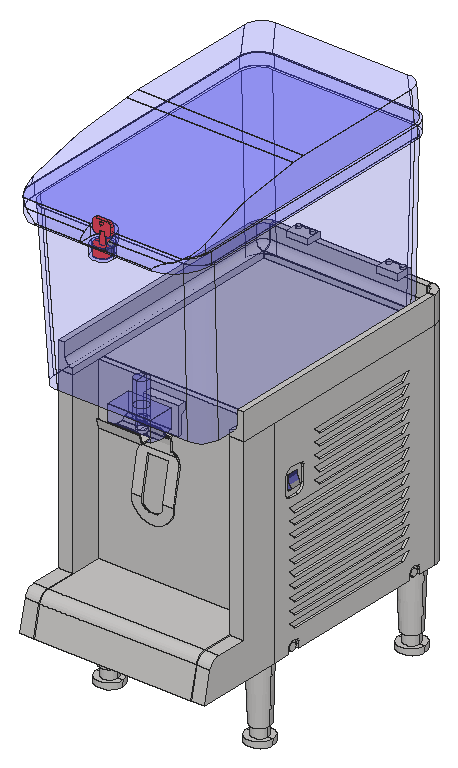
Revit family "QF_ELECTROLUXPROFESSIONAL_600926_ECS1D22UK", category Specialty Equipment, Revit 2018
Family settings
  Round Connector Dimension = Use Diameter
  Part Type = Normal
  Work Plane-Based = No
  Always vertical = Yes
  Cut with Voids When Loaded = No
  Shared = No
  Room Calculation Point = No
Parameters (values of type "Standard")
  Weight = 20.00 kg
  Watts = 0 W
  Volts = 230 V
  URL Manufacturer = "http://professional.electrolux.com"
  URL = "http://professional.electrolux.com"
  Steam Supply Size = 0 mm
  Steam Supply Minimum Pressure = 0.0 Pa
  Steam Supply Maximum Pressure = 0.0 Pa
  Steam Pounds per Hour = 0
  Refrigeration Suction Line Size = 0 mm
  Refrigeration Liquid Line Size = 0 mm
  Refrigerant Compressor Remote = yes
  Manufacturer = "Electrolux Professional"
  Phase = 1
  Model = "ECS1D22UK"
  Length Actual = 267.0 mm  # constant formula
  Item Number = "600926"
  Hot Water Size = 0 mm
  Height Actual = 729.0 mm  # constant formula
  HP = "0.5 HP"
  Gas Size = 0 mm
  Gas KW = 0
  Gas Input Pressure = 0 W
  Direct Waste Size = 0 mm
  Description = "COLD BEV DISP. 1X18 LT - AGITATOR - UK PLUG"
  Depth Actual = 451.0 mm  # constant formula
  Cycle = 60 Hz
  Condensate Return Size = 0 mm
  Compressed Air Volume = 0.0 L/s
  Compressed Air Size = 0 mm
  Compressed Air Pressure = 0.0 Pa
  Cold Water Size = 0 mm
  Accessory = yes
Reference planes
  plane 1 "Center (Front/Back)": y = 0
  plane 2 "BASE": z = 0
  plane 3 "Center (Left/Right)": x = 0
  plane 4 "FEET": z = 110
  plane 5 "BACK": y = 212
  plane 6 "LEFT": x = -133
  plane 7 "RIGHT": x = 133
  plane 8 "FeetBack": y = 182
  plane 9 "EI_Front": y = 43
  plane 10 "TopBase": z = 420
  plane 11 "TOP": z = 729
  plane 12 "FRONT": y = -256
  plane 13 "FeetFront": y = -91
  plane 14 "Fillet": y = 192
  plane 15 "EI_Left": x = 107.6
  plane 16 "BaseVasca": z = 420
  plane 17 "Key": y = -238.074
Forms (mm)
  Extrusion 1, solid, material "QF_Finishes_Rubber Black"
    sketch origin (0, -237.264, 237.417) x (-1, 0, 0) y (0, 0, 1)
      loop
        line (-134.813, 85.505) -> (-130.245, 83.471) -> (-130.245, 81.362) -> (-128, 81.362) -> (-128, 101.362) -> (-130.245, 101.362)
        arc (-130.245, 101.362) -> (-131.172, 93.043) -> (-134.813, 85.505) r 24.82
    from 185 to 170
  Extrusion 2, solid, material "QF_Clearances", detail levels coarse
    sketch origin (1888.173, -11.659, 0) x (1, 0, 0) y (0, 1, 0)
      loop
        line (-2021.173, -244.341) -> (-2021.173, 223.659) -> (-1755.173, 223.659) -> (-1755.173, -244.341) -> (-1628.173, -244.341) -> (-1628.173, 373.659) -> (-2148.173, 373.659) -> (-2148.173, -244.341) -> (-2021.173, -244.341)
    from 0 to 729
  Revolve 3, solid, material "QF_Finishes_Stainless Steel"
    sketch origin (0, -91, 0) x (0, 0, 1) y (1, 0, 0)
      loop
        line (0, 127) -> (0, 108) -> (110, 108) -> (110, 125.038) -> (23, 122) -> (23, 119) -> (8, 119) -> (8, 127) -> (0, 127)
      axis (0, 108) -> (110, 108)
    angle from 0 to 360
  Revolve 4, solid, material "QF_Finishes_Stainless Steel"
    sketch origin (0, -91, 0) x (0, 0, 1) y (1, 0, 0)
      loop
        line (0, -127) -> (8, -127) -> (8, -119) -> (23, -119) -> (23, -122) -> (110, -125.038) -> (110, -108) -> (0, -108) -> (0, -127)
      axis (0, -108) -> (110, -108)
    angle from 0 to 360
  Revolve 5, solid, material "QF_Finishes_Stainless Steel"
    sketch origin (0, 182, 0) x (-1, 0, 0) y (0, 0, 1)
      loop
        line (-127, 0) -> (-108, 0) -> (-108, 110) -> (-125.038, 110) -> (-122, 23) -> (-119, 23) -> (-119, 8) -> (-127, 8) -> (-127, 0)
      axis (-108, 0) -> (-108, 110)
    angle from 0 to 360
  Revolve 6, solid, material "QF_Finishes_Stainless Steel"
    sketch origin (0, 182, 0) x (-1, 0, 0) y (0, 0, 1)
      loop
        line (127, 0) -> (127, 8) -> (119, 8) -> (119, 23) -> (122, 23) -> (125.038, 110) -> (108, 110) -> (108, 0) -> (127, 0)
      axis (108, 0) -> (108, 110)
    angle from 0 to 360
  Extrusion 7, solid, material "QF_Finishes_Stainless Steel"
    sketch origin (133, 0, 0) x (0, -1, 0) y (0, 0, 1)
      loop
        line (96.764, 110) -> (221, 110) -> (211.598, 151.16)
        arc (211.598, 151.16) -> (205.975, 160.107) -> (196, 163.597) r 16
        line (196, 163.597) -> (151, 163.597) -> (151, 420) -> (96.764, 420) -> (96.764, 110)
    from 20 to 0
  Extrusion 8, solid, material "QF_Finishes_Stainless Steel"
    sketch origin (0, 0, 0) x (0, 1, 0) y (0, 0, 1)
      loop
        line (-96.764, 110) -> (-96.764, 420) -> (-106, 420) -> (-106, 163.597) -> (-196, 163.597)
        arc (-196, 163.597) -> (-205.975, 160.107) -> (-211.598, 151.16) r 16
        line (-211.598, 151.16) -> (-221, 110) -> (-96.764, 110)
    from -113 to 113
  Extrusion 9, solid, material "QF_Finishes_Stainless Steel"
    sketch origin (133, -1000, 0) x (0, -1, 0) y (0, 0, 1)
      loop
        line (-903.236, 110) -> (-903.236, 420) -> (-1192, 420) -> (-1192, 110) -> (-1166, 110) -> (-1166, 115.694)
        arc (-1166, 115.694) -> (-1156, 125.694) -> (-1146, 115.694) r 10
        line (-1146, 115.694) -> (-1146, 110) -> (-948, 110) -> (-948, 115.694)
        arc (-948, 115.694) -> (-938, 125.694) -> (-928, 115.694) r 10
        line (-928, 115.694) -> (-928, 110) -> (-903.236, 110)
      loop
        arc (-923.159, 339.837) -> (-926.088, 346.908) -> (-933.159, 349.837) r 10
        line (-933.159, 349.837) -> (-947.159, 349.837)
        arc (-947.159, 349.837) -> (-954.23, 346.908) -> (-957.159, 339.837) r 10
        line (-957.159, 339.837) -> (-957.159, 319.837)
        arc (-957.159, 319.837) -> (-954.23, 312.766) -> (-947.159, 309.837) r 10
        line (-947.159, 309.837) -> (-933.159, 309.837)
        arc (-933.159, 309.837) -> (-926.088, 312.766) -> (-923.159, 319.837) r 10
        line (-923.159, 319.837) -> (-923.159, 339.837)
      loop
        line (-974.071, 381.364) -> (-1149.071, 381.364) -> (-1137.071, 369.364) -> (-986.071, 369.364) -> (-974.071, 381.364)
      loop
        line (-974.071, 364.864) -> (-1149.071, 364.864) -> (-1137.071, 352.864) -> (-986.071, 352.864) -> (-974.071, 364.864)
      loop
        line (-974.071, 348.364) -> (-1149.071, 348.364) -> (-1137.071, 336.364) -> (-986.071, 336.364) -> (-974.071, 348.364)
      loop
        line (-974.071, 331.864) -> (-1149.071, 331.864) -> (-1137.071, 319.864) -> (-986.071, 319.864) -> (-974.071, 331.864)
      loop
        line (-974.071, 315.364) -> (-1149.071, 315.364) -> (-1137.071, 303.364) -> (-986.071, 303.364) -> (-974.071, 315.364)
      loop
        line (-929.071, 298.864) -> (-1149.071, 298.864) -> (-1137.071, 286.864) -> (-941.071, 286.864) -> (-929.071, 298.864)
      loop
        line (-929.071, 282.364) -> (-1149.071, 282.364) -> (-1137.071, 270.364) -> (-941.071, 270.364) -> (-929.071, 282.364)
      loop
        line (-929.071, 265.864) -> (-1149.071, 265.864) -> (-1137.071, 253.864) -> (-941.071, 253.864) -> (-929.071, 265.864)
      loop
        line (-929.071, 249.364) -> (-1149.071, 249.364) -> (-1137.071, 237.364) -> (-941.071, 237.364) -> (-929.071, 249.364)
      loop
        line (-929.071, 232.864) -> (-1149.071, 232.864) -> (-1137.071, 220.864) -> (-941.071, 220.864) -> (-929.071, 232.864)
      loop
        line (-929.071, 216.364) -> (-1149.071, 216.364) -> (-1137.071, 204.364) -> (-941.071, 204.364) -> (-929.071, 216.364)
      loop
        line (-929.071, 199.864) -> (-1149.071, 199.864) -> (-1137.071, 187.864) -> (-941.071, 187.864) -> (-929.071, 199.864)
      loop
        line (-929.071, 183.364) -> (-1149.071, 183.364) -> (-1137.071, 171.364) -> (-941.071, 171.364) -> (-929.071, 183.364)
      loop
        line (-929.071, 166.864) -> (-1149.071, 166.864) -> (-1137.071, 154.864) -> (-941.071, 154.864) -> (-929.071, 166.864)
      loop
        line (-929.071, 150.364) -> (-1149.071, 150.364) -> (-1137.071, 138.364) -> (-941.071, 138.364) -> (-929.071, 150.364)
    from 5 to 0
  Extrusion 10, solid, material "QF_Finishes_Stainless Steel"
    sketch origin (-133, 0, 0) x (0, 1, 0) y (0, 0, 1)
      loop
        line (-96.764, 110) -> (-96.764, 420) -> (-151, 420) -> (-151, 163.597) -> (-196, 163.597)
        arc (-196, 163.597) -> (-205.975, 160.107) -> (-211.598, 151.16) r 16
        line (-211.598, 151.16) -> (-221, 110) -> (-96.764, 110)
    from 20 to 0
  Extrusion 11, solid, material "QF_Finishes_Stainless Steel"
    sketch origin (-133, 0, 0) x (0, 1, 0) y (0, 0, 1)
      loop
        line (-96.764, 110) -> (-72, 110) -> (-72, 115.694)
        arc (-72, 115.694) -> (-62, 125.694) -> (-52, 115.694) r 10
        line (-52, 115.694) -> (-52, 110) -> (146, 110) -> (146, 115.694)
        arc (146, 115.694) -> (156, 125.694) -> (166, 115.694) r 10
        line (166, 115.694) -> (166, 110) -> (192, 110) -> (192, 420) -> (-96.764, 420) -> (-96.764, 110)
      loop
        line (-70.929, 381.364) -> (-58.929, 369.364) -> (137.071, 369.364) -> (149.071, 381.364) -> (-70.929, 381.364)
      loop
        line (-70.929, 364.864) -> (-58.929, 352.864) -> (137.071, 352.864) -> (149.071, 364.864) -> (-70.929, 364.864)
      loop
        line (-70.929, 348.364) -> (-58.929, 336.364) -> (137.071, 336.364) -> (149.071, 348.364) -> (-70.929, 348.364)
      loop
        line (-70.929, 331.864) -> (-58.929, 319.864) -> (137.071, 319.864) -> (149.071, 331.864) -> (-70.929, 331.864)
      loop
        line (-70.929, 315.364) -> (-58.929, 303.364) -> (137.071, 303.364) -> (149.071, 315.364) -> (-70.929, 315.364)
      loop
        line (-70.929, 298.864) -> (-58.929, 286.864) -> (137.071, 286.864) -> (149.071, 298.864) -> (-70.929, 298.864)
      loop
        line (-70.929, 282.364) -> (-58.929, 270.364) -> (137.071, 270.364) -> (149.071, 282.364) -> (-70.929, 282.364)
      loop
        line (-70.929, 265.864) -> (-58.929, 253.864) -> (137.071, 253.864) -> (149.071, 265.864) -> (-70.929, 265.864)
      loop
        line (-70.929, 249.364) -> (-58.929, 237.364) -> (137.071, 237.364) -> (149.071, 249.364) -> (-70.929, 249.364)
      loop
        line (-70.929, 232.864) -> (-58.929, 220.864) -> (137.071, 220.864) -> (149.071, 232.864) -> (-70.929, 232.864)
      loop
        line (-70.929, 216.364) -> (-58.929, 204.364) -> (137.071, 204.364) -> (149.071, 216.364) -> (-70.929, 216.364)
      loop
        line (-70.929, 199.864) -> (-58.929, 187.864) -> (137.071, 187.864) -> (149.071, 199.864) -> (-70.929, 199.864)
      loop
        line (-70.929, 183.364) -> (-58.929, 171.364) -> (137.071, 171.364) -> (149.071, 183.364) -> (-70.929, 183.364)
      loop
        line (-70.929, 166.864) -> (-58.929, 154.864) -> (137.071, 154.864) -> (149.071, 166.864) -> (-70.929, 166.864)
      loop
        line (-70.929, 150.364) -> (-58.929, 138.364) -> (137.071, 138.364) -> (149.071, 150.364) -> (-70.929, 150.364)
    from 5 to 0
  Extrusion 12, solid, material "QF_Finishes_Stainless Steel"
    sketch origin (0, 0, 0) x (0, 1, 0) y (0, 0, 1)
      loop
        line (-96.764, 110) -> (192, 110) -> (192, 420) -> (-96.764, 420) -> (-96.764, 110)
    from 128 to -128
  Extrusion 13, solid, material "QF_Finishes_Stainless Steel"
    sketch origin (0, 0, 0) x (0, 1, 0) y (0, 0, 1)
      loop
        line (212, 110) -> (212, 420) -> (192, 420) -> (192, 110) -> (212, 110)
    from 113 to -113
  Extrusion 14, solid, material "QF_Finishes_Stainless Steel"
    sketch origin (0, -256, 0) x (-1, 0, 0) y (0, 0, 1)
      loop
        line (-133, 420) -> (-113, 420) -> (-113, 428.026)
        arc (-113, 428.026) -> (-120.802, 431.235) -> (-124.037, 439.026) r 11
        line (-124.037, 439.026) -> (-124.037, 458.026) -> (-133, 458.026) -> (-133, 420)
      loop
        line (133, 420) -> (133, 458.026) -> (124.037, 458.026) -> (124.037, 439.026)
        arc (124.037, 439.026) -> (120.802, 431.235) -> (113, 428.026) r 11
        line (113, 428.026) -> (113, 420) -> (133, 420)
    from 448 to 105
  Extrusion 15, solid, material "QF_Finishes_Stainless Steel"
    sketch origin (0, 0, 0) x (0, 1, 0) y (0, 0, 1)
      loop
        line (212, 420) -> (212, 458.026) -> (203.037, 458.026) -> (203.037, 439.026)
        arc (203.037, 439.026) -> (199.802, 431.235) -> (192, 428.026) r 11
        line (192, 428.026) -> (192, 420) -> (212, 420)
    from 113 to -113
  Revolve 16, solid, material "QF_Finishes_Stainless Steel"
    sketch origin (0, 192, 0) x (-1, 0, 0) y (0, 0, 1)
      loop
        line (-113, 420) -> (-113, 428.026)
        arc (-113, 428.026) -> (-120.802, 431.235) -> (-124.037, 439.026) r 11
        line (-124.037, 439.026) -> (-124.037, 458.026) -> (-133, 458.026) -> (-133, 420) -> (-113, 420)
      axis (-113, 420) -> (-113, 458.026)
    angle from 0 to -90
  Revolve 17, solid, material "QF_Finishes_Stainless Steel"
    sketch origin (0, 192, 0) x (1, 0, 0) y (0, 0, 1)
      loop
        line (-113, 420) -> (-113, 428.026)
        arc (-113, 428.026) -> (-120.802, 431.235) -> (-124.037, 439.026) r 11
        line (-124.037, 439.026) -> (-124.037, 458.026) -> (-133, 458.026) -> (-133, 420) -> (-113, 420)
      axis (-113, 420) -> (-113, 458.026)
    angle from 0 to -90
  Extrusion 18, solid, material "QF_Finishes_Stainless Steel"
    sketch origin (0, 0, 110) x (-1, 0, 0) y (0, -1, 0)
      loop
        line (113, -192) -> (113, -212)
        arc (113, -212) -> (127.142, -206.142) -> (133, -192) r 20
        line (133, -192) -> (113, -192)
      loop
        arc (-133, -192) -> (-127.142, -206.142) -> (-113, -212) r 20
        line (-113, -212) -> (-113, -192) -> (-133, -192)
    from 0 to 310
  Extrusion 19, solid, material "QF_Finishes_Stainless Steel"
    sketch origin (133, 0, 0) x (0, -1, 0) y (0, 0, 1)
      loop
        circle (62, 115.694) r 5
      loop
        circle (-156, 115.694) r 5
    from 1 to 5
  Extrusion 20, solid, material "QF_Finishes_Stainless Steel"
    sketch origin (-133, 0, 0) x (0, 1, 0) y (0, 0, 1)
      loop
        circle (-62, 115.694) r 5
      loop
        circle (156, 115.694) r 5
    from 1 to 5
  Extrusion 21, solid, material "QF_Finishes_Stainless Steel"
    sketch origin (-0.4, 43, 110) x (-1, 0, 0) y (0, -1, 0)
      loop
        circle (-108, 0) r 10
    from 0 to -10
Lines and regions (mm)
  symbolic lines
    curve 1: arc (-113, 212, 420) -> (-127.142, 206.142, 420) -> (-133, 192, 420) r 20
    curve 2: line (113, 212, 420) -> (79.629, 212, 420)
    curve 3: arc (113, 212, 420) -> (127.142, 206.142, 420) -> (133, 192, 420) r 20
    curve 4: line (-133, 192, 420) -> (-133, -221, 420)
    curve 5: line (133, -221, 420) -> (133, 192, 420)
    curve 6: line (113, 203.037, 420) -> (79.631, 203.037, 420)
    curve 7: arc (-113, 203.037, 420) -> (-120.805, 199.805, 420) -> (-124.037, 192, 420) r 11.037
    curve 8: arc (113, 203.037, 420) -> (120.805, 199.805, 420) -> (124.037, 192, 420) r 11.037
    curve 9: line (-124.037, 192, 420) -> (-124.037, 181.193, 420)
    curve 10: line (124.037, 181.193, 420) -> (124.037, 192, 420)
    curve 11: line (-127.869, -151, 420) -> (-133, -151, 420)
    curve 12: line (-133, -221, 420) -> (-124.443, -221, 420)
    curve 13: line (133, -221, 420) -> (124.443, -221, 420)
    curve 14: line (133, -151, 420) -> (127.869, -151, 420)
    curve 15: line (-79.631, 203.037, 420) -> (-113, 203.037, 420)
    curve 16: line (49.631, 203.037, 420) -> (-49.631, 203.037, 420)
    curve 17: line (49.631, 212, 420) -> (-49.631, 212, 420)
    curve 18: line (-79.642, 212, 420) -> (-113, 212, 420)
Dimensions and locks
  plane 4 "FEET" to level = 110.0 mm
  plane 6 "LEFT" to plane 3 "Center (Left/Right)" to plane 7 "RIGHT" = 133.0 mm, 133.0 mm
  plane 5 "BACK" to plane 1 "Center (Front/Back)" = 212.0 mm
  plane 6 "LEFT" to plane 7 "RIGHT" = 266.0 mm
  plane 5 "BACK" to plane 8 "FeetBack" = 30.0 mm
  plane 7 "RIGHT" to plane 6 "LEFT" = 266.0 mm
  plane 5 "BACK" to plane 12 "FRONT" = 468.0 mm
  plane 11 "TOP" to level = 729.0 mm
  plane 9 "EI_Front" to plane 5 "BACK" = 169.0 mm
  plane 10 "TopBase" to level = 420.0 mm
  plane 15 "EI_Left" to plane 7 "RIGHT" = 25.4 mm
  plane 5 "BACK" to plane 9 "EI_Front" = 169.0 mm
  aligned and locked: level to plane 2 "BASE"
Nested families
  nested 1: "CS1-V2" at (0, 0.03, 0), type "CS1-V2"
Connectors
  electrical at (107.6, 43, 100), driven by "Volts"
    settings: on Extrusion 21, index 1, voltage 230 V, apparent load 0 VA, apparent load phase1 0 VA, apparent load phase2 0 VA, apparent load phase3 0 VA, power factor 1, load classification "Other", number of poles 1, system type 30, power factor state 1, is connector primary yes, connector utility no, sub classification motor no, connector description "Electrical Connection"
Definition of nested family "CS1-V2"
  Parameters (values of type "CS1-V2")
    Weight = 48.00 kg
    Watts = 71.5353 W
    Volts = 230 V
    URL Manufacturer = "http://professional.electrolux.com"
    URL = "http://professional.electrolux.com"
    Steam Supply Size = 0 mm
    Steam Supply Minimum Pressure = 0.0 Pa
    Steam Supply Maximum Pressure = 0.0 Pa
    Steam Pounds per Hour = 0
    Refrigeration Suction Line Size = 0 mm
    Refrigeration Liquid Line Size = 0 mm
    Refrigerant Compressor Remote = yes
    Manufacturer = "Electrolux"
    Phase = 1
    Model = "SP2ITNK"
    Length Actual = 447.0 mm  # constant formula
    Item Number = "560013"
    Hot Water Size = 0 mm
    Height Actual = 612.0 mm  # constant formula
    HP = "1 HP"
    Gas Size = 0 mm
    Gas KW = 0
    Gas Input Pressure = 0 W
    Description = "2X5 LT BOWL - FROZEN GRANITA AND FROZEN CREAM DISPENSER - 2 INSULATED BOWLS - WHITE"
    Depth Actual = 438.0 mm  # constant formula
    Cycle = 50 Hz
    Condensate Return Size = 0 mm
    Compressed Air Volume = 0.0 L/s
    Compressed Air Size = 0 mm
    Compressed Air Pressure = 0.0 Pa
    Cold Water Size = 0 mm
    Accessory = yes
  Reference planes
    plane 1 "Center (Front/Back)": y = 0
    plane 2 "BASE": z = 0
    plane 3 "Center (Left/Right)": x = 0
    plane 4 "FEET": z = 110
    plane 5 "BACK": y = 212
    plane 6 "LEFT": x = -133
    plane 7 "RIGHT": x = 133
    plane 8 "TopBase": z = 420
    plane 9 "TOP": z = 729
    plane 10 "FRONT": y = -256
    plane 11 "Fillet": y = 192
    plane 12 "BaseVasca": z = 420
    plane 13 "Key": y = -238.074
    plane 14: y = -168.455
  Forms (mm)
    Blend 1, solid
      base sketch origin (64.522, 0, 420) x (0, -1, 0) y (1, 0, 0)
        loop
          arc (178, -183.022) -> (195.678, -175.699) -> (203, -158.022) r 25
          line (203, -158.022) -> (203, 28.978)
          arc (203, 28.978) -> (195.678, 46.656) -> (178, 53.978) r 25
          line (178, 53.978) -> (-167, 53.978)
          arc (-167, 53.978) -> (-184.678, 46.656) -> (-192, 28.978) r 25
          line (-192, 28.978) -> (-192, -158.022)
          arc (-192, -158.022) -> (-184.678, -175.699) -> (-167, -183.022) r 25
          line (-167, -183.022) -> (178, -183.022)
      top sketch origin (64.522, 0, 420) x (0, -1, 0) y (1, 0, 0)
        loop
          arc (-192, -164.522) -> (-184.678, -182.199) -> (-167, -189.522) r 25
          line (-167, -189.522) -> (193, -189.522)
          arc (193, -189.522) -> (210.678, -182.199) -> (218, -164.522) r 25
          line (218, -164.522) -> (218, 35.478)
          arc (218, 35.478) -> (210.678, 53.156) -> (193, 60.478) r 25
          line (193, 60.478) -> (-167, 60.478)
          arc (-167, 60.478) -> (-184.678, 53.156) -> (-192, 35.478) r 25
          line (-192, 35.478) -> (-192, -164.522)
      from 8 to 247
    Blend 2, solid
      base sketch origin (133, 0, 420) x (0, -1, 0) y (1, 0, 0)
        loop
          arc (-192, -233.206) -> (-184.678, -250.883) -> (-167, -258.206) r 25
          line (-167, -258.206) -> (210.038, -258.206)
          arc (210.038, -258.206) -> (240.444, -245.611) -> (253.038, -215.206) r 43
          line (253.038, -215.206) -> (253.038, -51.206)
          arc (253.038, -51.206) -> (240.444, -20.8) -> (210.038, -8.206) r 43
          line (210.038, -8.206) -> (-167, -8.206)
          arc (-167, -8.206) -> (-184.678, -15.528) -> (-192, -33.206) r 25
          line (-192, -33.206) -> (-192, -233.206)
      top sketch origin (133, 0, 420) x (0, -1, 0) y (1, 0, 0)
        loop
          arc (-192, -228) -> (-184.678, -245.678) -> (-167, -253) r 25
          line (-167, -253) -> (200.138, -253)
          arc (200.138, -253) -> (235.494, -238.355) -> (250.138, -203) r 50
          line (250.138, -203) -> (250.138, -63)
          arc (250.138, -63) -> (235.494, -27.645) -> (200.138, -13) r 50
          line (200.138, -13) -> (-167, -13)
          arc (-167, -13) -> (-184.678, -20.322) -> (-192, -38) r 25
          line (-192, -38) -> (-192, -228)
      from 265.34 to 309
    Extrusion 3, solid
      sketch origin (64.522, 0, 420) x (0, -1, 0) y (1, 0, 0)
        loop
          line (256, -148.79) -> (256, 19.747)
          arc (256, 19.747) -> (236.607, 51.092) -> (201.845, 63.347) r 55.433
          line (201.845, 63.347) -> (-168.323, 63.347)
          arc (-168.323, 63.347) -> (-187.191, 54.733) -> (-194.9, 35.478) r 27.9
          line (-194.9, 35.478) -> (-194.9, -164.522)
          arc (-194.9, -164.522) -> (-187.191, -183.777) -> (-168.323, -192.39) r 27.9
          line (-168.323, -192.39) -> (201.845, -192.39)
          arc (201.845, -192.39) -> (236.607, -180.136) -> (256, -148.79) r 55.433
      from 265.34 to 247
    Extrusion 4, void
      sketch origin (108, 0, 0) x (0, 1, 0) y (0, 0, 1)
        loop
          line (-26.39, 729) -> (-26.39, 734) -> (-256, 734) -> (-256, 669.303) -> (-254.726, 672.803)
          arc (-254.726, 672.803) -> (-252.106, 677.514) -> (-248.147, 681.172) r 17.063
          arc (-248.147, 681.172) -> (-148.754, 713.466) -> (-45.263, 728.011) r 599.546
          line (-45.263, 728.011) -> (-26.39, 729)
      from -241 to 25
    Extrusion 5, void
      sketch origin (0, 0, 0) x (0, 1, 0) y (0, 0, 1)
        loop
          arc (-249.651, 680.531) -> (-239.286, 684.849) -> (-228.842, 688.973) r 599.546
          line (-228.842, 688.973) -> (-262.493, 688.973) -> (-262.493, 670.038) -> (-256, 670.038)
          arc (-256, 670.038) -> (-254.289, 676.17) -> (-249.651, 680.531) r 11.845
      from -127.869 to 124.794
    Extrusion 6, void
      sketch origin (0, 0, 420) x (0, -1, 0) y (1, 0, 0)
        loop
          line (238.074, -17.633) -> (256, -17.633) -> (256, 17.633) -> (238.074, 17.633)
          arc (238.074, 17.633) -> (220.441, 0) -> (238.074, -17.633) r 17.633
      from 249.303 to 265.34
    Extrusion 7, void
      sketch origin (64.522, 0, 420) x (0, -1, 0) y (1, 0, 0)
        loop
          circle (238.074, -64.522) r 12
      from 233.373 to 247
    Extrusion 8, solid
      sketch origin (64.522, 0, 420) x (0, -1, 0) y (1, 0, 0)
        loop
          circle (238.074, -64.522) r 15.757
      from 230.564 to 247
    Revolve 9, solid
      sketch origin (64.522, -238.074, 0) x (-1, 0, 0) y (0, 0, 1)
        loop
          line (64.522, 683.398) -> (61.099, 683.398) -> (61.099, 667) -> (52.522, 667) -> (52.522, 653.373) -> (64.522, 653.373) -> (64.522, 683.398)
        axis (64.522, 653.373) -> (64.522, 683.398)
      angle from 0 to 360
    Extrusion 10, solid
      sketch origin (64.522, -238.074, 0) x (-1, 0, 0) y (0, 0, 1)
        loop
          line (62.099, 683.398) -> (66.944, 683.398) -> (66.944, 678.398) -> (71.849, 678.398)
          arc (71.849, 678.398) -> (76.091, 680.156) -> (77.849, 684.398) r 6
          line (77.849, 684.398) -> (77.849, 692.398)
          arc (77.849, 692.398) -> (76.091, 696.641) -> (71.849, 698.398) r 6
          line (71.849, 698.398) -> (57.195, 698.398)
          arc (57.195, 698.398) -> (52.952, 696.641) -> (51.195, 692.398) r 6
          line (51.195, 692.398) -> (51.195, 684.398)
          arc (51.195, 684.398) -> (52.952, 680.156) -> (57.195, 678.398) r 6
          line (57.195, 678.398) -> (62.099, 678.398) -> (62.099, 683.398)
        loop
          circle (64.522, 693.106) r 3
      from -2 to 2
    Extrusion 11, solid
      sketch origin (0, 0, 0) x (0, 1, 0) y (0, 0, 1)
        loop
          line (-190.5, 428) -> (-190.5, 398) -> (-174.107, 395.109) -> (-164.107, 395.109) -> (-159.607, 399.609) -> (-153.116, 399.609) -> (-153.116, 428) -> (-190.5, 428)
      from -31.045 to 31
    Revolve 12, void
      sketch origin (0, 0, 0) x (0, 1, 0) y (0, 0, 1)
        loop
          line (-168.455, 463.265) -> (-178.327, 463.265) -> (-178.327, 410.984) -> (-175.351, 410.984) -> (-175.351, 398) -> (-174.149, 398) -> (-174.149, 388) -> (-168.455, 388) -> (-168.455, 463.265)
        axis (-168.455, 388) -> (-168.455, 463.265)
      angle from 0 to 360
    Revolve 13, solid
      sketch origin (0, 0, 0) x (0, 1, 0) y (0, 0, 1)
        loop
          line (-168.455, 385.109) -> (-163.455, 385.109) -> (-163.455, 395.109) -> (-161.56, 395.109) -> (-161.56, 398) -> (-168.455, 398) -> (-168.455, 385.109)
        axis (-168.455, 398) -> (-168.455, 385.109)
      angle from 0 to 360
    Extrusion 14, solid
      sketch origin (0, 0, 0) x (0, 1, 0) y (0, 0, 1)
        loop
          line (-211.42, 417.932) -> (-207.338, 404.58) -> (-190.5, 404.58) -> (-190.5, 405.58) -> (-206.598, 405.58) -> (-210.464, 418.224) -> (-211.42, 417.932)
      from -31.045 to 31
    Extrusion 15, solid
      sketch origin (0, 0, 0) x (0, 1, 0) y (0, 0, 1)
        loop
          line (-149.25, 259.609) -> (-148.25, 259.609) -> (-148.25, 296.088) -> (-136.39, 354.802)
          arc (-136.39, 354.802) -> (-135.207, 366.291) -> (-136.255, 377.793) r 59.784
          line (-136.255, 377.793) -> (-131.876, 379.387) -> (-129.145, 379.387) -> (-129.145, 380.887) -> (-132.141, 380.887) -> (-136.557, 379.279) -> (-139.722, 379.279) -> (-156.78, 399.609) -> (-158.086, 399.609) -> (-140.188, 378.279) -> (-137.37, 378.279)
          arc (-137.37, 378.279) -> (-136.206, 366.64) -> (-137.37, 355) r 58.784
          line (-137.37, 355) -> (-149.25, 296.188) -> (-149.25, 259.609)
      from -30 to 30
    Extrusion 16, void
      sketch origin (0, -238.074, 0) x (-1, 0, 0) y (0, 0, 1)
        loop
          line (15, 348.279) -> (-15, 348.279) -> (-15, 288.279)
          arc (-15, 288.279) -> (0, 279.279) -> (15, 288.279) r 17
          line (15, 288.279) -> (15, 348.279)
        loop
          arc (30, 288.469) -> (0, 265.279) -> (-30, 288.469) r 31
          line (-30, 288.469) -> (-30, 344.632)
          arc (-30, 344.632) -> (-26.112, 354.705) -> (-16.464, 359.553) r 14.993
          line (-16.464, 359.553) -> (-16.464, 399.609) -> (-36.464, 399.609) -> (-36.464, 259.609) -> (36.464, 259.609) -> (36.464, 399.609) -> (16.464, 399.609) -> (16.464, 359.553)
          arc (16.464, 359.553) -> (26.112, 354.705) -> (30, 344.632) r 14.993
          line (30, 344.632) -> (30, 288.469)
      from 79.263 to 108.929
    Extrusion 17, solid
      sketch origin (0, 0, 0) x (0, 1, 0) y (0, 0, 1)
        loop
          line (-133.507, 380.887) -> (-129.145, 380.887) -> (-129.145, 406.439) -> (-121.488, 410.009) -> (-121.488, 420.078) -> (-133.507, 420.078) -> (-133.507, 380.887)
      from -25 to 24.963
    Extrusion 18, solid
      sketch origin (0, 0, 0) x (0, 1, 0) y (0, 0, 1)
        loop
          line (192, 458) -> (212, 458) -> (212, 447.335) -> (215, 447.335) -> (215, 462.335)
          arc (215, 462.335) -> (213.865, 465.076) -> (211.123, 466.212) r 3.877
          line (211.123, 466.212) -> (192, 466.212) -> (192, 458)
      from -50 to -80
    Extrusion 19, solid
      sketch origin (-65, 0, 420) x (0, -1, 0) y (1, 0, 0)
        loop
          circle (-207, -10) r 3
        loop
          circle (-207, 10) r 3
      from 46.212 to 48.2
    Extrusion 20, solid
      sketch origin (0, 0, 0) x (0, 1, 0) y (0, 0, 1)
        loop
          line (192, 458) -> (212, 458) -> (212, 447.335) -> (215, 447.335) -> (215, 462.335)
          arc (215, 462.335) -> (213.865, 465.076) -> (211.123, 466.212) r 3.877
          line (211.123, 466.212) -> (192, 466.212) -> (192, 458)
      from 80 to 50
    Extrusion 21, solid
      sketch origin (65, 0, 420) x (0, -1, 0) y (1, 0, 0)
        loop
          circle (-207, -10) r 3
        loop
          circle (-207, 10) r 3
      from 46.212 to 48.2
  Cuts and joins
    Extrusion 4, Extrusion 6 cuts Blend 2
    Extrusion 5, Extrusion 6, Extrusion 7 cuts Extrusion 3
    Extrusion 7, Revolve 12 cuts Blend 1
    Extrusion 7 cuts Extrusion 8
    Revolve 12, Extrusion 16 cuts Extrusion 11
    Extrusion 16 cuts Extrusion 15
  Lines and regions (mm)
    symbolic lines
      curve 1: arc (-95, 192, 420) -> (-112.678, 184.678, 420) -> (-120, 167, 420) r 25
      curve 2: arc (-125.206, 167, 420) -> (-117.883, 184.678, 420) -> (-100.206, 192, 420) r 25
      curve 3: arc (-100, 194.9, 420) -> (-119.255, 187.191, 420) -> (-127.869, 168.323, 420) r 27.9
      curve 4: line (-100, 194.9, 420) -> (100, 194.9, 420)
      curve 5: arc (127.869, 168.323, 420) -> (119.255, 187.191, 420) -> (100, 194.9, 420) r 27.9
      curve 6: arc (99.794, 192, 420) -> (117.472, 184.678, 420) -> (124.794, 167, 420) r 25
      curve 7: arc (120, 167, 420) -> (112.678, 184.678, 420) -> (95, 192, 420) r 25
      curve 8: line (99.794, 192, 420) -> (-100.206, 192, 420)
      curve 9: line (-127.869, -201.845, 420) -> (-127.869, 168.323, 420)
      curve 10: line (-125.206, -210.038, 420) -> (-125.206, 167, 420)
      curve 11: line (-120, 167, 420) -> (-120, -26.39, 420)
      curve 12: line (120, -26.39, 420) -> (120, 167, 420)
      curve 13: line (124.794, 167, 420) -> (124.794, -210.038, 420)
      curve 14: line (127.869, 168.323, 420) -> (127.869, -201.845, 420)
      curve 15: line (-120, -26.39, 420) -> (120, -26.39, 420)
      curve 16: arc (-127.869, -201.845, 420) -> (-115.614, -236.607, 420) -> (-84.269, -256, 420) r 55.433
      curve 17: arc (-114.9, -237.968, 420) -> (-122.547, -224.923, 420) -> (-125.206, -210.038, 420) r 43
      curve 18: spline (-123.835, -207.457, 420) -> (-123.908, -210.163, 420) -> (-123.828, -212.865, 420) -> (-123.596, -215.554, 420) -> (-123.212, -218.224, 420) -> (-122.678, -220.866, 420) -> (-121.994, -223.473, 420) -> (-121.163, -226.037, 420) -> (-120.188, -228.551, 420) -> (-119.07, -231.008, 420) -> (-117.814, -233.401, 420) -> (-116.423, -235.723, 420) -> (-114.9, -237.968, 420)
      curve 19: arc (84.269, -256, 420) -> (115.614, -236.607, 420) -> (127.869, -201.845, 420) r 55.433
      curve 20: arc (124.794, -210.038, 420) -> (122.136, -224.923, 420) -> (114.489, -237.968, 420) r 43
      curve 21: spline (114.489, -237.968, 420) -> (116.021, -235.721, 420) -> (117.421, -233.396, 420) -> (118.687, -231.001, 420) -> (119.814, -228.543, 420) -> (120.798, -226.028, 420) -> (121.638, -223.463, 420) -> (122.331, -220.857, 420) -> (122.874, -218.216, 420) -> (123.267, -215.547, 420) -> (123.508, -212.86, 420) -> (123.596, -210.16, 420) -> (123.532, -207.457, 420)
      curve 22: line (124.794, 167, 420) -> (124.794, -210.038, 420)
      curve 23: line (-17.633, -256, 420) -> (-17.633, -238.074, 420)
      curve 24: line (13.327, -240.074, 420) -> (-13.327, -240.074, 420)
      curve 25: line (-13.327, -236.074, 420) -> (13.327, -236.074, 420)
      curve 26: line (17.633, -238.074, 420) -> (17.633, -256, 420)
      curve 27: line (84.269, -256, 420) -> (-84.269, -256, 420)
      curve 28: arc (2.777, -240.074, 420) -> (0, -241.496, 420) -> (-2.777, -240.074, 420) r 3.422
      curve 29: line (-120, -26.39, 420) -> (-123.835, -207.457, 420)
      curve 30: line (120, -26.39, 420) -> (123.532, -207.457, 420)
      curve 31: arc (17.633, -238.074, 420) -> (0, -220.441, 420) -> (-17.633, -238.074, 420) r 17.633
      curve 32: line (13.327, -240.074, 420) -> (13.327, -236.074, 420)
      curve 33: line (-13.327, -240.074, 420) -> (-13.327, -236.074, 420)
      curve 34: arc (-11.832, -236.074, 420) -> (0, -226.074, 420) -> (11.832, -236.074, 420) r 12
      curve 35: arc (11.832, -240.074, 420) -> (0, -250.074, 420) -> (-11.832, -240.074, 420) r 12
      curve 36: circle (0, -238.074, 420) r 15.757 normal (0, 0, -1)
      curve 37: arc (-2.777, -236.074, 420) -> (0, -234.652, 420) -> (2.777, -236.074, 420) r 3.422
      curve 38: line (-80, 194.9, 420) -> (-80, 215, 420)
      curve 39: line (-80, 215, 420) -> (-50, 215, 420)
      curve 40: line (-50, 215, 420) -> (-50, 194.9, 420)
      curve 41: circle (-75, 207, 420) r 3 normal (0, 0, -1)
      curve 42: circle (-55, 207, 420) r 3 normal (0, 0, 1)
      curve 43: line (80, 194.9, 420) -> (80, 215, 420)
      curve 44: line (80, 215, 420) -> (50, 215, 420)
      curve 45: line (50, 215, 420) -> (50, 194.9, 420)
      curve 46: circle (75, 207, 420) r 3 normal (0, 0, 1)
      curve 47: circle (55, 207, 420) r 3 normal (0, 0, -1)
  Dimensions and locks
    plane 4 "FEET" to level = 110.0 mm
    equal spacing: plane 6 "LEFT", plane 3 "Center (Left/Right)", plane 7 "RIGHT"
    plane 5 "BACK" to plane 1 "Center (Front/Back)" = 212.0 mm
    plane 6 "LEFT" to plane 7 "RIGHT" = 266.0 mm
    plane 7 "RIGHT" to plane 6 "LEFT" = 266.0 mm
    plane 5 "BACK" to plane 10 "FRONT" = 468.0 mm
    plane 9 "TOP" to level = 729.0 mm
    plane 8 "TopBase" to level = 420.0 mm
    radius of Extrusion 7 sketch curve = 12.0 mm
    aligned and locked: level to plane 2 "BASE"
  Automatic sketch dimensions
    Blend 1 sketch curve to plane 11 "Fillet" = 0.0 mm  (x2)
    Blend 1 sketch curve to Blend 1 sketch curve = 25.0 mm  (x3)
    plane 14 to Blend 1 sketch curve = 9.545 mm  (x2)
    plane 6 "LEFT" to Blend 1 sketch curve = 14.5 mm
    plane 7 "RIGHT" to Blend 1 sketch curve = 39.5 mm
    plane 7 "RIGHT" to Blend 1 sketch curve = 8.0 mm
    Blend 1 sketch curve to plane 11 "Fillet" = 25.0 mm  (x2)
    plane 6 "LEFT" to Blend 1 sketch curve = 8.0 mm
    plane 14 to Blend 1 sketch curve = 24.545 mm  (x2)
    plane 13 "Key" to Blend 1 sketch curve = 20.074 mm
    Blend 2 sketch curve to plane 11 "Fillet" = 0.0 mm  (x2)
    plane 6 "LEFT" to Blend 2 sketch curve = 7.794 mm
    Blend 2 sketch curve to plane 11 "Fillet" = 25.0 mm  (x3)
    Blend 2 sketch curve to Blend 2 sketch curve = 25.0 mm
    plane 13 "Key" to Blend 2 sketch curve = 28.035 mm  (x2)
    plane 7 "RIGHT" to Blend 2 sketch curve = 8.206 mm
    plane 10 "FRONT" to Blend 2 sketch curve = 2.962 mm
    plane 7 "RIGHT" to Blend 2 sketch curve = 13.0 mm
    plane 6 "LEFT" to Blend 2 sketch curve = 13.0 mm
    plane 14 to Blend 2 sketch curve = 31.683 mm  (x2)
    plane 10 "FRONT" to Blend 2 sketch curve = 5.862 mm
    Extrusion 3 sketch curve to plane 10 "FRONT" = 0.0 mm
    plane 14 to Extrusion 3 sketch curve = 33.389 mm  (x2)
    Extrusion 3 sketch curve to plane 11 "Fillet" = 25.0 mm  (x2)
    plane 6 "LEFT" to Extrusion 3 sketch curve = 5.131 mm
    Extrusion 3 sketch curve to plane 11 "Fillet" = 23.677 mm  (x2)
    plane 7 "RIGHT" to Extrusion 3 sketch curve = 5.131 mm
    plane 11 "Fillet" to Extrusion 3 sketch curve = 2.9 mm
    plane 6 "LEFT" to Extrusion 3 sketch curve = 48.731 mm
    Extrusion 3 sketch curve to Extrusion 3 sketch curve = 55.433 mm
    Extrusion 4 sketch curve to plane 10 "FRONT" = 0.0 mm
    plane 9 "TOP" to Extrusion 4 sketch curve = 0.0 mm
    plane 10 "FRONT" to Extrusion 4 sketch curve = 1.274 mm
    Extrusion 4 sketch curve to plane 13 "Key" = 0.619 mm
    plane 9 "TOP" to Extrusion 4 sketch curve = 0.989 mm
    plane 1 "Center (Front/Back)" to Extrusion 4 sketch curve = 45.263 mm
    Extrusion 4 sketch curve to Extrusion 4 sketch curve = 18.873 mm
    plane 1 "Center (Front/Back)" to Extrusion 4 sketch curve = 13.885 mm
    plane 9 "TOP" to Extrusion 4 sketch curve = 56.197 mm
    Extrusion 4 sketch curve to Extrusion 4 sketch curve = 3.5 mm
    Extrusion 4 sketch curve to Extrusion 4 sketch curve = 5.836 mm
    plane 4 "FEET" to Extrusion 4 sketch curve = 19.287 mm
    Extrusion 4 sketch curve to plane 9 "TOP" = 5.0 mm
    Extrusion 5 sketch curve to plane 10 "FRONT" = 0.0 mm
    Extrusion 5 sketch curve to plane 10 "FRONT" = 6.493 mm
    Extrusion 5 sketch curve to plane 13 "Key" = 6.081 mm
    plane 13 "Key" to Extrusion 5 sketch curve = 9.232 mm
    plane 1 "Center (Front/Back)" to Extrusion 5 sketch curve = 13.885 mm
    plane 4 "FEET" to Extrusion 5 sketch curve = 19.287 mm
    plane 9 "TOP" to Extrusion 5 sketch curve = 58.962 mm
    Extrusion 5 sketch curve to Extrusion 5 sketch curve = 18.935 mm
    Extrusion 6 sketch curve to plane 3 "Center (Left/Right)" = 0.0 mm
    Extrusion 6 sketch curve to plane 13 "Key" = 0.0 mm
    Extrusion 6 sketch curve to plane 10 "FRONT" = 0.0 mm
    Extrusion 6 sketch curve to plane 3 "Center (Left/Right)" = 17.633 mm
    Extrusion 7 sketch curve to plane 3 "Center (Left/Right)" = 0.0 mm
    Extrusion 7 sketch curve to plane 13 "Key" = 0.0 mm
    Extrusion 8 sketch curve to plane 3 "Center (Left/Right)" = 0.0 mm
    Extrusion 8 sketch curve to plane 13 "Key" = 0.0 mm
    Revolve 9 sketch curve to plane 3 "Center (Left/Right)" = 0.0 mm  (x2)
    Revolve 9 sketch curve to Revolve 9 sketch curve = 3.422 mm
    Revolve 9 sketch curve to Revolve 9 sketch curve = 12.0 mm
    plane 9 "TOP" to Revolve 9 sketch curve = 75.627 mm
    Revolve 9 sketch curve to Revolve 9 sketch curve = 13.627 mm
    Revolve 9 sketch curve to Revolve 9 sketch curve = 16.398 mm
    Revolve 9 sketch curve to Revolve 9 sketch curve = 2.303 mm
    plane 9 "TOP" to Revolve 9 sketch curve = 22.746 mm
    Extrusion 10 sketch curve to plane 3 "Center (Left/Right)" = 0.0 mm
    plane 3 "Center (Left/Right)" to Extrusion 10 sketch curve = 2.422 mm
    plane 3 "Center (Left/Right)" to Extrusion 10 sketch curve = 7.327 mm
    Extrusion 10 sketch curve to Extrusion 10 sketch curve = 4.905 mm  (x2)
    Extrusion 10 sketch curve to Extrusion 10 sketch curve = 6.0 mm  (x2)
    Extrusion 10 sketch curve to plane 3 "Center (Left/Right)" = 2.422 mm
    Extrusion 10 sketch curve to plane 3 "Center (Left/Right)" = 7.327 mm
    plane 9 "TOP" to Extrusion 10 sketch curve = 50.602 mm
    Extrusion 10 sketch curve to Extrusion 10 sketch curve = 0.0 mm
    Extrusion 10 sketch curve to Extrusion 10 sketch curve = 5.0 mm
    Extrusion 10 sketch curve to Extrusion 10 sketch curve = 8.0 mm
    Extrusion 10 sketch curve to Extrusion 10 sketch curve = 0.707 mm
    plane 8 "TopBase" to Extrusion 11 sketch curve = 8.0 mm
    plane 14 to Extrusion 11 sketch curve = 22.045 mm
    plane 14 to Extrusion 11 sketch curve = 5.651 mm
    Extrusion 11 sketch curve to plane 14 = 4.349 mm
    Extrusion 11 sketch curve to Extrusion 11 sketch curve = 4.499 mm  (x2)
    Extrusion 11 sketch curve to plane 14 = 15.339 mm
    Extrusion 11 sketch curve to plane 8 "TopBase" = 20.391 mm
    Extrusion 11 sketch curve to plane 8 "TopBase" = 22.0 mm
    Revolve 12 sketch curve to plane 14 = 0.0 mm  (x2)
    plane 14 to Revolve 12 sketch curve = 5.694 mm
    plane 14 to Revolve 12 sketch curve = 6.896 mm
    Revolve 12 sketch curve to Revolve 12 sketch curve = 9.871 mm
    Revolve 12 sketch curve to plane 8 "TopBase" = 32.0 mm
    Revolve 12 sketch curve to Revolve 12 sketch curve = 10.0 mm
    Revolve 12 sketch curve to plane 8 "TopBase" = 9.016 mm
    plane 8 "TopBase" to Revolve 12 sketch curve = 43.265 mm
    Revolve 12 sketch curve to Revolve 12 sketch curve = 0.0 mm
    Revolve 12 sketch curve to Revolve 12 sketch curve = 20.0 mm
    Revolve 13 sketch curve to plane 14 = 0.0 mm  (x2)
    Revolve 13 sketch curve to plane 14 = 5.0 mm
    Revolve 13 sketch curve to Revolve 13 sketch curve = 1.896 mm
    Revolve 13 sketch curve to plane 8 "TopBase" = 34.891 mm
    Revolve 13 sketch curve to Revolve 13 sketch curve = 10.0 mm
    Revolve 13 sketch curve to Revolve 13 sketch curve = 2.891 mm
    Revolve 13 sketch curve to Revolve 13 sketch curve = 7.275 mm
    Revolve 13 sketch curve to plane 8 "TopBase" = 9.016 mm
    Extrusion 14 sketch curve to plane 8 "TopBase" = 2.068 mm
    plane 13 "Key" to Extrusion 14 sketch curve = 26.654 mm
    Extrusion 14 sketch curve to plane 8 "TopBase" = 1.776 mm
    Extrusion 14 sketch curve to Extrusion 14 sketch curve = 0.956 mm
    Extrusion 14 sketch curve to Extrusion 14 sketch curve = 4.082 mm
    Extrusion 14 sketch curve to Extrusion 14 sketch curve = 0.74 mm
    Extrusion 14 sketch curve to Extrusion 14 sketch curve = 16.098 mm
    Extrusion 15 sketch curve to Extrusion 15 sketch curve = 0.0 mm  (x3)
    plane 14 to Extrusion 15 sketch curve = 26.535 mm
    Extrusion 15 sketch curve to plane 14 = 10.37 mm
    Extrusion 15 sketch curve to Extrusion 15 sketch curve = 1.305 mm
    Extrusion 15 sketch curve to plane 14 = 19.205 mm
    Extrusion 15 sketch curve to Extrusion 15 sketch curve = 1.0 mm  (x2)
    Extrusion 15 sketch curve to Extrusion 15 sketch curve = 16.592 mm
    Extrusion 15 sketch curve to Extrusion 15 sketch curve = 0.466 mm
    Extrusion 15 sketch curve to Extrusion 15 sketch curve = 2.352 mm
    Extrusion 15 sketch curve to Extrusion 15 sketch curve = 0.812 mm
    Extrusion 15 sketch curve to Extrusion 15 sketch curve = 0.98 mm
    Extrusion 15 sketch curve to Extrusion 15 sketch curve = 1.114 mm
    Extrusion 15 sketch curve to Extrusion 15 sketch curve = 4.417 mm
    Extrusion 15 sketch curve to Extrusion 15 sketch curve = 0.264 mm
    Extrusion 15 sketch curve to Extrusion 15 sketch curve = 2.731 mm
    plane 4 "FEET" to Extrusion 15 sketch curve = 149.609 mm
    Extrusion 15 sketch curve to Extrusion 15 sketch curve = 36.479 mm
    Extrusion 15 sketch curve to Extrusion 15 sketch curve = 0.1 mm
    Extrusion 15 sketch curve to Extrusion 15 sketch curve = 58.714 mm
    Extrusion 15 sketch curve to Extrusion 15 sketch curve = 0.198 mm
    Extrusion 15 sketch curve to plane 8 "TopBase" = 53.36 mm
    Extrusion 15 sketch curve to Extrusion 15 sketch curve = 1.594 mm
    Extrusion 15 sketch curve to Extrusion 15 sketch curve = 1.5 mm
    Extrusion 15 sketch curve to plane 8 "TopBase" = 20.391 mm
    Extrusion 16 sketch curve to Extrusion 16 sketch curve = 0.0 mm  (x3)
    Extrusion 16 sketch curve to plane 3 "Center (Left/Right)" = 0.0 mm
    plane 3 "Center (Left/Right)" to Extrusion 16 sketch curve = 15.0 mm
    Extrusion 16 sketch curve to Extrusion 16 sketch curve = 0.007 mm  (x2)
    plane 3 "Center (Left/Right)" to Extrusion 16 sketch curve = 16.464 mm
    Extrusion 16 sketch curve to Extrusion 16 sketch curve = 15.0 mm  (x2)
    Extrusion 16 sketch curve to Extrusion 16 sketch curve = 20.0 mm  (x2)
    Extrusion 16 sketch curve to plane 3 "Center (Left/Right)" = 15.0 mm
    Extrusion 16 sketch curve to plane 3 "Center (Left/Right)" = 16.464 mm
    plane 4 "FEET" to Extrusion 16 sketch curve = 149.609 mm
    Extrusion 16 sketch curve to Extrusion 16 sketch curve = 28.671 mm
    Extrusion 16 sketch curve to Extrusion 16 sketch curve = 0.19 mm
    Extrusion 16 sketch curve to Extrusion 16 sketch curve = 8.0 mm
    Extrusion 16 sketch curve to Extrusion 16 sketch curve = 56.163 mm
    Extrusion 16 sketch curve to Extrusion 16 sketch curve = 3.647 mm
    Extrusion 16 sketch curve to plane 8 "TopBase" = 20.391 mm  (x2)
    Extrusion 17 sketch curve to plane 14 = 34.948 mm
    Extrusion 17 sketch curve to Extrusion 17 sketch curve = 4.362 mm
    Extrusion 17 sketch curve to Extrusion 17 sketch curve = 7.657 mm
    Extrusion 17 sketch curve to plane 8 "TopBase" = 39.113 mm
    Extrusion 17 sketch curve to plane 8 "TopBase" = 13.561 mm
    Extrusion 17 sketch curve to Extrusion 17 sketch curve = 3.57 mm
    plane 8 "TopBase" to Extrusion 17 sketch curve = 0.078 mm
    Extrusion 18 sketch curve to plane 11 "Fillet" = 0.0 mm
    Extrusion 18 sketch curve to plane 5 "BACK" = 0.0 mm
    Extrusion 18 sketch curve to plane 5 "BACK" = 0.877 mm
    Extrusion 18 sketch curve to Extrusion 18 sketch curve = 3.0 mm
    plane 8 "TopBase" to Extrusion 18 sketch curve = 27.335 mm
    Extrusion 18 sketch curve to Extrusion 18 sketch curve = 10.665 mm
    Extrusion 18 sketch curve to Extrusion 18 sketch curve = 4.335 mm
    Extrusion 19 sketch curve to plane 5 "BACK" = 5.0 mm  (x2)
    plane 6 "LEFT" to Extrusion 19 sketch curve = 58.0 mm
    Extrusion 19 sketch curve to Extrusion 19 sketch curve = 20.0 mm
    Extrusion 20 sketch curve to plane 11 "Fillet" = 0.0 mm
    Extrusion 20 sketch curve to plane 5 "BACK" = 0.0 mm
    Extrusion 20 sketch curve to plane 5 "BACK" = 0.877 mm
    Extrusion 20 sketch curve to Extrusion 20 sketch curve = 3.0 mm
    plane 8 "TopBase" to Extrusion 20 sketch curve = 27.335 mm
    Extrusion 20 sketch curve to Extrusion 20 sketch curve = 10.665 mm
    Extrusion 20 sketch curve to Extrusion 20 sketch curve = 4.335 mm
    Extrusion 21 sketch curve to plane 5 "BACK" = 5.0 mm  (x2)
    plane 3 "Center (Left/Right)" to Extrusion 21 sketch curve = 55.0 mm
    Extrusion 21 sketch curve to Extrusion 21 sketch curve = 20.0 mm
    curve 28 to curve 31 = 0.0 mm
    curve 28 to curve 34 = 0.0 mm  (x2)
    curve 28 to curve 35 = 0.0 mm  (x2)
    curve 28 to curve 36 = 0.0 mm
    curve 28 to curve 37 = 0.0 mm
    curve 31 to curve 37 = 0.0 mm
    curve 35 to curve 36 = 0.0 mm
    curve 36 to curve 37 = 0.0 mm
    curve 8 to plane 11 "Fillet" = 0.0 mm
    curve 34 to plane 3 "Center (Left/Right)" = 0.0 mm
    curve 34 to plane 13 "Key" = 0.0 mm
    curve 26 to plane 10 "FRONT" = 0.0 mm
    plane 11 "Fillet" to curve 4 = 2.9 mm
    curve 47 to plane 5 "BACK" = 5.0 mm
    curve 41 to plane 5 "BACK" = 5.0 mm
    curve 42 to plane 5 "BACK" = 5.0 mm
    curve 46 to plane 5 "BACK" = 5.0 mm
    plane 5 "BACK" to curve 44 = 3.0 mm
    plane 5 "BACK" to curve 40 = 3.0 mm
    plane 7 "RIGHT" to curve 14 = 5.131 mm
    curve 14 to plane 11 "Fillet" = 23.677 mm
    plane 6 "LEFT" to curve 9 = 5.131 mm
    curve 9 to plane 11 "Fillet" = 23.677 mm
    curve 7 to curve 7 = 25.0 mm
    curve 3 to curve 10 = 1.323 mm
    curve 7 to curve 5 = 0.0 mm
    curve 2 to curve 3 = 0.0 mm
    curve 2 to curve 11 = 0.0 mm
    curve 5 to curve 13 = 1.323 mm
    plane 7 "RIGHT" to curve 12 = 13.0 mm
    plane 1 "Center (Front/Back)" to curve 12 = 26.39 mm
    plane 14 to curve 19 = 33.389 mm
    plane 14 to curve 9 = 33.389 mm
    plane 6 "LEFT" to curve 29 = 9.165 mm
    curve 16 to curve 29 = 5.612 mm
    plane 7 "RIGHT" to curve 30 = 9.468 mm
    curve 19 to curve 30 = 5.612 mm
    curve 29 to curve 10 = 2.581 mm
    curve 30 to curve 22 = 2.581 mm
    plane 13 "Key" to curve 25 = 2.0 mm
    curve 32 to plane 13 "Key" = 2.0 mm
    curve 10 to curve 29 = 1.37 mm
    plane 6 "LEFT" to curve 29 = 13.0 mm
    plane 6 "LEFT" to curve 27 = 48.731 mm
    curve 17 to curve 16 = 9.77 mm
    curve 1 to curve 38 = 15.0 mm
    curve 38 to curve 41 = 5.0 mm
    curve 41 to curve 42 = 20.0 mm
    curve 42 to curve 40 = 5.0 mm
    curve 23 to curve 28 = 17.633 mm
    curve 23 to curve 33 = 4.306 mm
    curve 32 to curve 31 = 4.306 mm
    plane 3 "Center (Left/Right)" to curve 44 = 50.0 mm
    curve 44 to curve 47 = 5.0 mm
    curve 19 to curve 21 = 51.096 mm
    curve 47 to curve 46 = 20.0 mm
    curve 46 to curve 44 = 5.0 mm
    curve 19 to curve 20 = 9.359 mm
    curve 8 to curve 5 = 0.206 mm
    curve 16 to curve 18 = 6.764 mm
    curve 19 to curve 21 = 6.913 mm
    curve 20 to curve 21 = 9.411 mm
    curve 10 to curve 18 = 12.185 mm
    plane 13 "Key" to curve 17 = 0.106 mm
    plane 13 "Key" to curve 20 = 0.106 mm
    curve 25 to curve 34 = 1.495 mm
    curve 24 to curve 35 = 1.495 mm
    curve 28 to plane 3 "Center (Left/Right)" = 2.777 mm
    curve 37 to plane 3 "Center (Left/Right)" = 2.777 mm
    radius of Extrusion 8 sketch curve = 15.757 mm
    radius of Extrusion 10 sketch curve = 3.0 mm
    radius of Extrusion 19 sketch curve = 3.0 mm  (x2)
    radius of Extrusion 21 sketch curve = 3.0 mm  (x2)
    radius of curve 36 = 15.757 mm
    radius of curve 41 = 3.0 mm
    radius of curve 42 = 3.0 mm
    radius of curve 46 = 3.0 mm
    radius of curve 47 = 3.0 mm
